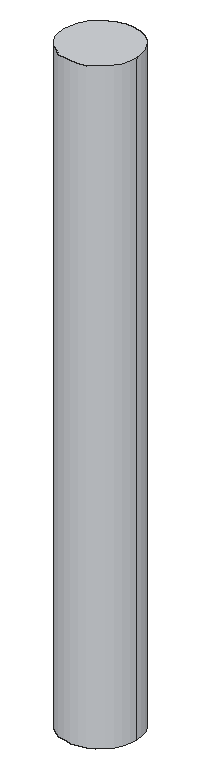
Revit family "Concrete_Round", category Structural Columns, Revit 2024
Family settings
  Display in Hidden Views = Edges Hidden by Other Members
  Section Shape = Not Defined
  Material for Model Behavior = Concrete
  Always export as geometry = No
  Beam cutback in plan = From bounding box
  Cut with Voids When Loaded = No
  Symbolic Representation = From Family
  Shared = No
  Show family pre-cut in plan views = Yes
Parameters (values of type "300mm")
  b = 300 mm
  Structural Material [instance] = none
  Keynote = "E"
  EA_Repath [instance] = 0 mm
Types (4, lengths in mm): name | b
  300mm | 300
  450mm | 450
  600mm | 600
  750mm | 750
Reference planes
  plane 1 "Center (Front/Back)": y = 0
  plane 2: z = 0
  plane 3 "Center (Left/Right)": x = 0
  plane 4: x = -150
  plane 5: x = 150
  plane 6: y = 150
  plane 7: y = -150
Forms (mm)
  Extrusion 1, solid, material <- "Structural Material"
    sketch origin (0, 0, 0) x (1, 0, 0) y (0, 1, 0)
      loop
        circle (0, 0) r 150
    from 0 to 2500
Dimensions and locks
  equal spacing: plane 4, plane 3 "Center (Left/Right)", plane 5
  equal spacing: plane 7, plane 1 "Center (Front/Back)", plane 6
  "b": plane 7 to plane 6
  "b": plane 4 to plane 5
  aligned and locked: level to Extrusion 1
  aligned and locked: level to plane 2
  aligned and locked: Extrusion 1 to plane 2
Automatic sketch dimensions
  Extrusion 1 sketch curve to plane 1 "Center (Front/Back)" = 0 mm
  Extrusion 1 sketch curve to plane 4 = 0 mm
  Extrusion 1 sketch curve to plane 3 "Center (Left/Right)" = 0 mm
